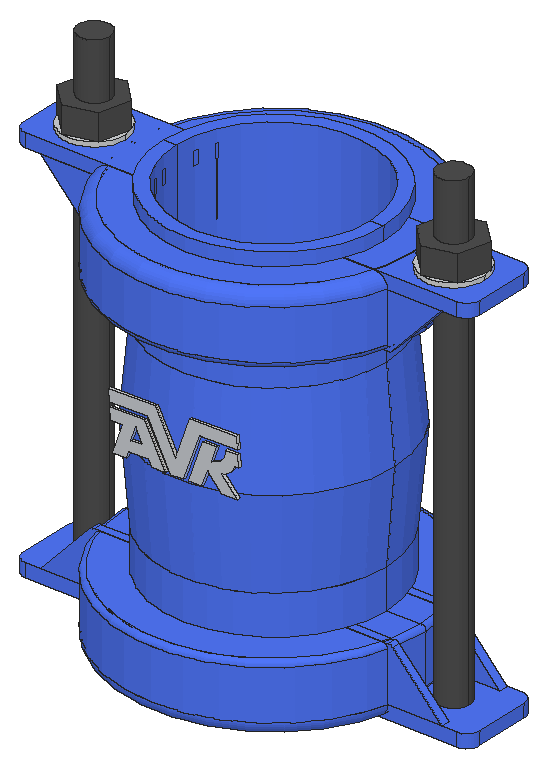
Revit family "601-A-005-DN40-50", category Pipe Accessories, Revit 2019
Family settings
  Round Connector Dimension = Use Diameter
  Part Type = Valve - Breaks Into
  Work Plane-Based = No
  Always vertical = Yes
  Cut with Voids When Loaded = No
  Shared = No
Parameters (values of type "DN50_57-74")
  URL_product_pages = "https://www.avkvalves.com/P.aspx?no=6010630004100"
  Side_length = if(DN > 49 mm, 174 mm, if(DN > 39 mm, 163 mm, 163 mm))  # 174 mm
  PCD = 137 mm  # constant formula
  L1 = 100 mm  # constant formula
  L = 190 mm  # constant formula
  Description_ = "AVK UNIVERSAL SUPA® STRAIGHT COUPLING"
  DN_Ref = DN2 * 2  # 74 mm
  DN50_57-74 = "601-074-000-4100"
  DN40_46-63 = "601-063-000-4100"
  DN2 = if(DN > 49 mm, 74 mm, if(DN > 39 mm, 64 mm, 64 mm)) / 2  # 37 mm
  DN = 50 mm
Types (3, lengths in mm): name | Side_length | DN_Ref | DN2 | DN
  (no name) | 174 | 74 | 37 | 50
  DN40_46-63 | 163 | 64 | 32 | 40
  DN50_57-74 | 174 | 74 | 37 | 50
Reference planes
  plane 1 "Center (Front/Back)": y = 0
  plane 2: z = 0
  plane 3 "Center (Left/Right)": x = 0
  plane 4: y = 15.5
  plane 5: y = -15.5
  plane 6: x = -87
  plane 7: x = 87
  plane 8: x = -82
  plane 9: y = -10.5
  plane 10: x = -82
  plane 11: y = 10.5
  plane 12: x = 82
  plane 13: y = 10.5
  plane 14: y = -10.5
  plane 15: x = 82
  plane 16: z = -75.952
  plane 17: z = -70.952
  plane 18: z = -80.952
  plane 19: z = 109.048
  plane 20: x = 68.5
  plane 21: x = -68.5
  plane 22: z = 77.609
  plane 23: z = 87.609
  plane 24: z = 50
  plane 25: z = -50
  plane 26: z = 80.952
  plane 27: x = 33
  plane 28: z = -80.952
  plane 29: x = 38
  plane 30: z = 75.952
  plane 31: x = 58
  plane 32: x = 53
  plane 33: z = 70.952
  plane 34: z = 52.023
  plane 35: x = 55.977
  plane 36: x = 43
  plane 37: z = 35
  plane 38: z = -50
  plane 39: x = 58
  plane 40: z = -75.952
  plane 41: x = 43
  plane 42: x = 46.062
  plane 43: z = -35
  plane 44: z = -70.952
  plane 45: x = 53
  plane 46: x = 38
  plane 47: through (77.591, -1524, 72.121) normal (0.7314, 0, -0.682)
  plane 48: through (-79.201, -1524, 73.847) normal (0.7314, 0, 0.682)
  plane 49: z = 70.951
  plane 50: z = 50
  plane 51: x = 55.984
  plane 52: z = 50.716
  plane 53: x = -55.984
  plane 54: z = 50.716
  plane 55: x = -57.631
  plane 56: x = 57.631
Forms (mm)
  Revolve 1, solid, material "Plastic"
    sketch origin (0, 0, 0) x (1, 0, 0) y (0, 0, 1)
      loop
        line (43, -50) -> (43, -35) -> (46.062, 0) -> (43, 35) -> (43, 50) -> (55.977, 50)
        arc (55.977, 50) -> (57.407, 50.593) -> (58, 52.023) r 2.023
        line (58, 52.023) -> (58, 70.952)
        arc (58, 70.952) -> (56.536, 74.487) -> (53, 75.952) r 5
        line (53, 75.952) -> (42, 75.952) -> (42, 80.952) -> (37, 80.952) -> (37, -80.952) -> (42, -80.952) -> (42, -75.952) -> (53, -75.952)
        arc (53, -75.952) -> (56.536, -74.487) -> (58, -70.952) r 5
        line (58, -70.952) -> (58, -52.023)
        arc (58, -52.023) -> (57.407, -50.593) -> (55.977, -50) r 2.023
        line (55.977, -50) -> (43, -50)
      axis (0, -80.952) -> (0, 80.952)
    angle from 0 to 360
  Extrusion 2, solid, material "Plastic"
    sketch origin (0, 0, 0) x (0, -1, 0) y (1, 0, 0)
      loop
        line (-10.5, -87) -> (10.5, -87)
        arc (10.5, -87) -> (14.036, -85.536) -> (15.5, -82) r 5
        line (15.5, -82) -> (15.5, 82)
        arc (15.5, 82) -> (14.036, 85.536) -> (10.5, 87) r 5
        line (10.5, 87) -> (-10.5, 87)
        arc (-10.5, 87) -> (-14.036, 85.536) -> (-15.5, 82) r 5
        line (-15.5, 82) -> (-15.5, -82)
        arc (-15.5, -82) -> (-14.036, -85.536) -> (-10.5, -87) r 5
    from 75.952 to 70.951
  Extrusion 3, solid, material "Stainless Steel AISI 304"
    sketch origin (0, 0, 0) x (1, 0, 0) y (0, 1, 0)
      loop
        circle (-68.5, 0) r 6
      loop
        circle (68.5, 0) r 6
    from -75.952 to 109.048
  Extrusion 4, solid, material "Plastic"
    sketch origin (0, 0, 0) x (1, 0, 0) y (0, 1, 0)
      loop
        line (82, 15.5) -> (-82, 15.5)
        arc (-82, 15.5) -> (-85.536, 14.036) -> (-87, 10.5) r 5
        line (-87, 10.5) -> (-87, -10.5)
        arc (-87, -10.5) -> (-85.536, -14.036) -> (-82, -15.5) r 5
        line (-82, -15.5) -> (82, -15.5)
        arc (82, -15.5) -> (85.536, -14.036) -> (87, -10.5) r 5
        line (87, -10.5) -> (87, 10.5)
        arc (87, 10.5) -> (85.536, 14.036) -> (82, 15.5) r 5
    from -75.952 to -70.952
  Extrusion 5, solid, material "Stainless Steel AISI 304(1)"
    sketch origin (0, 0, 0) x (1, 0, 0) y (0, 1, 0)
      loop
        circle (68.5, 0) r 12
      loop
        circle (-68.5, 0) r 12
    from 77.609 to 75.952
  Extrusion 6, solid, material "Plastic"
    sketch origin (0, 0, 0) x (1, 0, 0) y (0, 0, 1)
      loop
        line (76.5, 70.951) -> (0, 70.951) -> (-76.5, 70.951) -> (-57.631, 50.716)
        arc (-57.631, 50.716) -> (-56.882, 50.187) -> (-55.984, 50) r 2.253
        line (-55.984, 50) -> (0, 50) -> (55.984, 50)
        arc (55.984, 50) -> (56.882, 50.187) -> (57.631, 50.716) r 2.253
        line (57.631, 50.716) -> (76.5, 70.951)
    from 12.281 to 15.5
  Extrusion 7, solid, material "Plastic"
    sketch origin (0, 0, 0) x (1, 0, 0) y (0, 0, -1)
      loop
        line (76.5, -70.951) -> (57.631, -50.716)
        arc (57.631, -50.716) -> (56.882, -50.187) -> (55.984, -50) r 2.253
        line (55.984, -50) -> (0, -50) -> (-55.984, -50)
        arc (-55.984, -50) -> (-56.882, -50.187) -> (-57.631, -50.716) r 2.253
        line (-57.631, -50.716) -> (-76.5, -70.951) -> (0, -70.951) -> (76.5, -70.951)
    from 12.281 to 15.5
  Extrusion 8, solid, material "Plastic"
    sketch origin (0, 0, 0) x (1, 0, 0) y (0, 0, 1)
      loop
        line (76.501, -70.952) -> (57.631, -50.716)
        arc (57.631, -50.716) -> (56.882, -50.187) -> (55.984, -50) r 2.253
        line (55.984, -50) -> (0, -50) -> (-55.984, -50)
        arc (-55.984, -50) -> (-56.882, -50.187) -> (-57.631, -50.716) r 2.253
        line (-57.631, -50.716) -> (-76.501, -70.952) -> (0, -70.952) -> (76.501, -70.952)
    from 12.281 to 15.5
  Extrusion 9, solid, material "Plastic"
    sketch origin (0, 0, 0) x (1, 0, 0) y (0, 0, -1)
      loop
        line (76.501, 70.952) -> (0, 70.952) -> (-76.501, 70.952) -> (-57.631, 50.716)
        arc (-57.631, 50.716) -> (-56.882, 50.187) -> (-55.984, 50) r 2.253
        line (-55.984, 50) -> (0, 50) -> (55.984, 50)
        arc (55.984, 50) -> (56.882, 50.187) -> (57.631, 50.716) r 2.253
        line (57.631, 50.716) -> (76.501, 70.952)
    from 12.281 to 15.5
  Revolve 10, void
    sketch origin (0, 0, 0) x (1, 0, 0) y (0, 0, 1)
      loop
        line (0, 80.952) -> (0, -80.952) -> (37, -80.952) -> (37, 80.952) -> (0, 80.952)
      axis (0, -80.952) -> (0, 80.952)
    angle from 0 to 360
  Extrusion 11, solid, material "Stainless Steel AISI 304"
    sketch origin (0, 0, 0) x (1, 0, 0) y (0, 1, 0)
      loop
        line (76.985, -8.485) -> (80.091, 3.106) -> (71.606, 11.591) -> (60.015, 8.485) -> (56.909, -3.106) -> (65.394, -11.591) -> (76.985, -8.485)
      loop
        line (-60.015, -8.485) -> (-56.909, 3.106) -> (-65.394, 11.591) -> (-76.985, 8.485) -> (-80.091, -3.106) -> (-71.606, -11.591) -> (-60.015, -8.485)
    from 77.609 to 87.609
  Revolve 12, solid, material "Stainless Steel AISI 304"
    sketch origin (0, 0, 0) x (1, 0, 0) y (0, 0, 1)
      loop
        line (68.5, -75.952) -> (68.5, -80.952)
        arc (68.5, -80.952) -> (74.977, -79.568) -> (80.526, -75.952) r 18.148
        line (80.526, -75.952) -> (68.5, -75.952)
      axis (68.5, -80.952) -> (68.5, -75.952)
    angle from 0 to 360
  Revolve 13, solid, material "Stainless Steel AISI 304"
    sketch origin (0, 0, 0) x (-1, 0, 0) y (0, 0, 1)
      loop
        line (68.5, -75.952) -> (68.5, -80.952)
        arc (68.5, -80.952) -> (74.977, -79.568) -> (80.526, -75.952) r 18.148
        line (80.526, -75.952) -> (68.5, -75.952)
      axis (68.5, -80.952) -> (68.5, -75.952)
    angle from 0 to 360
Cuts and joins
  Revolve 10 cuts Revolve 1
  Revolve 10 cuts Extrusion 2
  Revolve 10 cuts Extrusion 4
  Revolve 10 cuts Extrusion 6
  Revolve 10 cuts Extrusion 7
  Revolve 10 cuts Extrusion 8
  Revolve 10 cuts Extrusion 9
Dimensions and locks
  equal spacing: plane 4, plane 1 "Center (Front/Back)", plane 5
  plane 4 to plane 5 = 31 mm
  equal spacing: plane 6, plane 3 "Center (Left/Right)", plane 7
  "Side_length": plane 6 to plane 7
  locked: plane 6 to plane 10 at 5
  locked: plane 4 to plane 11 at 5
  locked: plane 6 to plane 8 at 5
  locked: plane 5 to plane 9 at 5
  locked: plane 12 to plane 7 at 5
  locked: plane 4 to plane 13 at 5
  locked: plane 14 to plane 5 at 5
  locked: plane 15 to plane 7 at 5
  equal spacing: Extrusion 3 sketch curve, plane 3 "Center (Left/Right)", Extrusion 3 sketch curve
  "PCD": Extrusion 3 sketch curve to Extrusion 3 sketch curve
  locked: level to plane 18 at 80.952
  "L": plane 19 to plane 18
  "L1": plane 24 to plane 25
  "DN2": Revolve 10 sketch curve to plane 3 "Center (Left/Right)"
  "DN2": plane 3 "Center (Left/Right)" to Revolve 1 sketch curve
  radius of Extrusion 3 sketch curve = 6 mm  (x2)
  radius of Revolve 12 sketch curve = 18.148 mm
  radius of Revolve 13 sketch curve = 18.148 mm
  aligned and locked: level to plane 2
  aligned and locked: plane 10 to Extrusion 2 sketch curve
  aligned and locked: plane 4 to Extrusion 2 sketch curve  (x2)
  aligned and locked: Extrusion 2 sketch curve to plane 11
  aligned and locked: plane 6 to Extrusion 2 sketch curve  (x2)
  aligned and locked: Extrusion 2 sketch curve to plane 9
  aligned and locked: plane 5 to Extrusion 2 sketch curve  (x2)
  aligned and locked: plane 8 to Extrusion 2 sketch curve
  aligned and locked: Extrusion 2 sketch curve to plane 14
  aligned and locked: plane 7 to Extrusion 2 sketch curve  (x2)
  aligned and locked: plane 15 to Extrusion 2 sketch curve
  aligned and locked: plane 13 to Extrusion 2 sketch curve
  aligned and locked: plane 12 to Extrusion 2 sketch curve
  aligned and locked: Extrusion 4 to Extrusion 3
  aligned and locked: plane 17 to Extrusion 4
  aligned and locked: plane 19 to Extrusion 3
  aligned and locked: Extrusion 5 to Revolve 1
  aligned and locked: plane 3 "Center (Left/Right)" to Revolve 10 sketch curve
  aligned and locked: Revolve 10 sketch curve to Revolve 10 sketch curve
  aligned and locked: Extrusion 11 to Extrusion 5
  aligned and locked: plane 23 to Extrusion 11
  aligned and locked: Revolve 12 sketch curve to plane 20
  aligned and locked: cut or joined group of Extrusion 4, Revolve 10 to Revolve 12 sketch curve
  aligned and locked: plane 20 to Revolve 12 sketch curve
  aligned and locked: Revolve 13 sketch curve to plane 21
  aligned and locked: plane 21 to Revolve 13 sketch curve
  aligned and locked: Revolve 13 sketch curve to cut or joined group of Extrusion 4, Revolve 10
  aligned and locked: plane 24 to cut or joined group of Extrusion 6, Revolve 10
  aligned and locked: plane 25 to cut or joined group of Extrusion 8, Revolve 10
  aligned and locked: Extrusion 4 to cut or joined group of Extrusion 2, Revolve 10  (x2)
  aligned and locked: plane 26 to Revolve 1 sketch curve
  aligned and locked: plane 30 to Revolve 1 sketch curve  (x2)
  aligned and locked: plane 32 to Revolve 1 sketch curve
  aligned and locked: plane 31 to Revolve 1 sketch curve  (x2)
  aligned and locked: plane 33 to Revolve 1 sketch curve
  aligned and locked: plane 34 to Revolve 1 sketch curve
  aligned and locked: plane 24 to Revolve 1 sketch curve  (x2)
  aligned and locked: plane 35 to Revolve 1 sketch curve
  aligned and locked: plane 36 to Revolve 1 sketch curve  (x2)
  aligned and locked: plane 37 to Revolve 1 sketch curve
  aligned and locked: plane 42 to Revolve 1 sketch curve
  aligned and locked: level to Revolve 1 sketch curve
  aligned and locked: plane 41 to Revolve 1 sketch curve  (x2)
  aligned and locked: plane 43 to Revolve 1 sketch curve
  aligned and locked: plane 38 to Revolve 1 sketch curve  (x2)
  aligned and locked: plane 39 to Revolve 1 sketch curve  (x2)
  aligned and locked: plane 44 to Revolve 1 sketch curve
  aligned and locked: plane 45 to Revolve 1 sketch curve
  aligned and locked: plane 40 to Revolve 1 sketch curve  (x2)
  aligned and locked: Revolve 1 sketch curve to plane 28
  aligned and locked: plane 51 to Extrusion 6 sketch curve
  aligned and locked: plane 47 to Extrusion 6 sketch curve
  aligned and locked: plane 50 to Extrusion 6 sketch curve
  aligned and locked: plane 53 to Extrusion 6 sketch curve
  aligned and locked: plane 54 to Extrusion 6 sketch curve
  aligned and locked: plane 55 to Extrusion 6 sketch curve
  aligned and locked: plane 56 to Extrusion 6 sketch curve
  aligned and locked: Extrusion 7 sketch curve to cut or joined group of Extrusion 6, Revolve 10
  aligned and locked: Extrusion 6 to cut or joined group of Extrusion 2, Revolve 10
  aligned and locked: Extrusion 8 to plane 17
  aligned and locked: Extrusion 9 to plane 17
  aligned and locked: Extrusion 2 to Extrusion 5
  aligned and locked: Extrusion 4 to plane 16
  aligned and locked: cut or joined group of Extrusion 7, Revolve 10 to Extrusion 6
  aligned and locked: Extrusion 7 to cut or joined group of Extrusion 2, Revolve 10
  aligned and locked: Extrusion 8 to cut or joined group of Extrusion 4, Revolve 10
  aligned and locked: Extrusion 9 to cut or joined group of Extrusion 4, Revolve 10
Automatic sketch dimensions
  Extrusion 5 sketch curve to Extrusion 5 sketch curve = 0 mm  (x4)
  plane 1 "Center (Front/Back)" to Extrusion 5 sketch curve = 0 mm  (x2)
  Extrusion 5 sketch curve to plane 21 = 0 mm
  Extrusion 5 sketch curve to plane 20 = 0 mm
  Extrusion 5 sketch curve to plane 21 = 12 mm
  Extrusion 5 sketch curve to plane 20 = 12 mm
  Extrusion 6 sketch curve to plane 3 "Center (Left/Right)" = 0 mm  (x2)
  Extrusion 6 sketch curve to plane 21 = 8 mm
  plane 20 to Extrusion 6 sketch curve = 8 mm
  Extrusion 6 sketch curve to plane 22 = 6.658 mm
  Extrusion 7 sketch curve to plane 3 "Center (Left/Right)" = 0 mm  (x2)
  plane 21 to Extrusion 7 sketch curve = 12.516 mm
  Extrusion 7 sketch curve to Extrusion 7 sketch curve = 1.648 mm
  Extrusion 7 sketch curve to Extrusion 7 sketch curve = 1.536 mm
  Extrusion 8 sketch curve to plane 3 "Center (Left/Right)" = 0 mm  (x2)
  Extrusion 8 sketch curve to plane 21 = 12.516 mm
  Extrusion 8 sketch curve to Extrusion 8 sketch curve = 1.648 mm  (x2)
  Extrusion 8 sketch curve to plane 17 = 0 mm
  plane 21 to Extrusion 8 sketch curve = 8.001 mm
  plane 20 to Extrusion 8 sketch curve = 12.516 mm
  Extrusion 8 sketch curve to plane 20 = 8.001 mm
  Extrusion 8 sketch curve to plane 17 = 18.699 mm  (x2)
  Extrusion 8 sketch curve to Extrusion 8 sketch curve = 1.536 mm
  Extrusion 9 sketch curve to plane 3 "Center (Left/Right)" = 0 mm  (x2)
  plane 21 to Extrusion 9 sketch curve = 12.516 mm
  Extrusion 9 sketch curve to Extrusion 9 sketch curve = 1.648 mm  (x2)
  plane 17 to Extrusion 9 sketch curve = 0 mm
  Extrusion 9 sketch curve to plane 21 = 8.001 mm
  Extrusion 9 sketch curve to plane 20 = 12.516 mm
  plane 20 to Extrusion 9 sketch curve = 8.001 mm
  plane 17 to Extrusion 9 sketch curve = 18.699 mm  (x2)
  Extrusion 9 sketch curve to Extrusion 9 sketch curve = 1.536 mm
  Revolve 12 sketch curve to plane 18 = 0 mm
  Revolve 12 sketch curve to plane 20 = 0.491 mm
  Revolve 12 sketch curve to plane 18 = 5 mm
  Revolve 12 sketch curve to Revolve 12 sketch curve = 5 mm
  Revolve 13 sketch curve to plane 18 = 0 mm
  Revolve 13 sketch curve to plane 21 = 0.491 mm
  Revolve 13 sketch curve to Revolve 13 sketch curve = 5 mm  (x2)
  plane 20 to Extrusion 7 sketch curve = 8 mm
  Revolve 1 sketch curve to plane 3 "Center (Left/Right)" = 0 mm
  plane 35 to Revolve 1 sketch curve = 0 mm
  Revolve 1 sketch curve to plane 36 = 1 mm  (x2)
  Revolve 1 sketch curve to plane 43 = 5 mm
  plane 33 to Revolve 1 sketch curve = 0.952 mm
  plane 1 "Center (Front/Back)" to Extrusion 3 sketch curve = 0 mm  (x2)
  Revolve 10 sketch curve to plane 18 = 0 mm
  plane 22 to Revolve 10 sketch curve = 3.343 mm
  Revolve 10 sketch curve to level = 10.952 mm
  level to Revolve 10 sketch curve = 14.048 mm
  Extrusion 7 sketch curve to plane 24 = 0 mm
  Extrusion 7 sketch curve to plane 21 = 8 mm
  plane 24 to Extrusion 7 sketch curve = 2.253 mm  (x2)
  Extrusion 7 sketch curve to plane 20 = 12.516 mm
  Extrusion 7 sketch curve to plane 22 = 6.658 mm
Nested families
  nested 1: "LOGO - Copy - Copy" at (0.839, -45.211, -9.639) x (0.9998, 0.0184, 0.0016) z (0.0185, -0.996, -0.0872), type "LOGO - Copy - Copy"
Connectors
  piping at (0, 0, -80.952), diameter 74, driven by "DN_Ref"
    settings: on Revolve 1, index 1, connector inside diameter 609.6 mm, connector length 0 mm, flow factor 0, pipe flow 0.0 L/s, pressure drop 0.0 Pa, fitting loss kfactor 0, connector angle 0.00°, fixture units 0, engagement length 0 mm, angle of deflection 0.00°, flow configuration 0, flow direction 0, fitting loss method 0, system type 7, joint type 0, gender type 0, connector reference index -1, connector utility 0, adjustable connector no, is connector primary yes, connector description ""
  piping at (0, 0, 80.952), diameter 74, driven by "DN_Ref"
    settings: on Revolve 1, index 2, connector inside diameter 609.6 mm, connector length 0 mm, flow factor 0, pipe flow 0.0 L/s, pressure drop 0.0 Pa, fitting loss kfactor 0, connector angle 0.00°, fixture units 0, engagement length 0 mm, angle of deflection 0.00°, flow configuration 0, flow direction 0, fitting loss method 0, system type 19, joint type 0, gender type 0, connector reference index -1, connector utility 0, adjustable connector no, is connector primary no, connector description ""
Definition of nested family "LOGO - Copy - Copy"
  Parameters (values of type "LOGO - Copy - Copy")
    Default Elevation = 1219.2 mm
  Reference planes
    plane 1 "Center (Front/Back)": y = 0
    plane 2: z = 0
    plane 3 "Center (Left/Right)": x = 0
  Forms (mm)
    Extrusion 1, solid
      sketch origin (0, 0, 0) x (1, 0, 0) y (0, 1, 0)
        loop
          line (-1219.2, 1219.2) -> (-1219.2, -1219.2) -> (1219.2, -1219.2) -> (1219.2, 1219.2) -> (-1219.2, 1219.2)
      from 0 to -304.8
    Extrusion 2, solid
      sketch origin (0, 0, 0) x (1, 0, 0) y (0, 1, 0)
        loop
          line (-6.514, 34.224) -> (-24, 34.224) -> (-24, 29.481) -> (-9.766, 29.481) -> (-2.391, 11.367) -> (2.391, 11.367) -> (9.766, 29.481) -> (24, 29.481) -> (24, 34.224) -> (6.514, 34.224) -> (0, 18.224) -> (-6.514, 34.224)
        loop
          line (-10.996, 27.653) -> (-24, 27.653) -> (-24, 23.081) -> (-19.503, 23.081) -> (-24, 11.367) -> (-18.92, 11.367) -> (-17.955, 13.881) -> (-10.51, 13.881) -> (-9.486, 11.367) -> (-4.365, 11.367) -> (-10.996, 27.653)
        loop
          line (-16.777, 18.224) -> (-12.278, 18.224) -> (-14.594, 23.912) -> (-16.777, 18.224)
        loop
          line (4.365, 11.367) -> (9.486, 11.367) -> (12.093, 17.77) -> (16.918, 11.367) -> (22.857, 11.367) -> (17.399, 18.61)
          arc (17.399, 18.61) -> (20.583, 20.18) -> (22.629, 23.081) r 7.2
          line (22.629, 23.081) -> (24, 23.081) -> (24, 27.653) -> (19.429, 27.653)
          arc (19.429, 27.653) -> (17.763, 23.526) -> (13.699, 21.714) r 5.943
          line (13.699, 21.714) -> (16.117, 27.653) -> (10.996, 27.653) -> (4.365, 11.367)
      from 0 to 1
  Dimensions and locks
    aligned and locked: plane 2 to Extrusion 1
    aligned and locked: level to Extrusion 1
    aligned and locked: Extrusion 2 sketch curve to import instance
